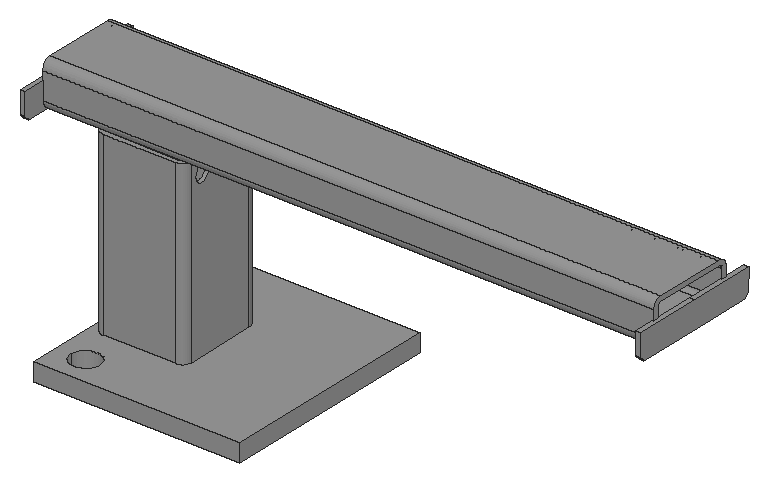
Revit family "STA BKRS 300 FT Stützausleger", category Generic Models, Revit 2017
Family settings
  Can host rebar = No
  Round Connector Dimension = Use Diameter
  Part Type = Normal
  Work Plane-Based = No
  Always vertical = Yes
  Cut with Voids When Loaded = No
  Shared = No
  Room Calculation Point = No
Parameters (values of type "STA BKRS 300 FT")
  URL = "http://www.obo-bettermann.com"
  Material = Hot dip galvanised
  Manufacturer Art.No. = "6044545"
  Manufacturer = "OBO BETTERMANN"
  GTIN = "4012196695102"
  Article Type = "STA BKRS 300 FT"
Reference planes
  plane 1 "Center (Front/Back)": y = 0
  plane 2: z = 0
  plane 3 "Center (Left/Right)": x = 0
  plane 4: x = 91.5
  plane 5: y = 100
  plane 6: y = 12.5
  plane 7: y = 87.5
  plane 8: x = 13
  plane 9: y = 50
  plane 10: y = 62
  plane 11: x = 11
  plane 12: z = 88
  plane 13: x = 22.882
  plane 14: x = 2.902
  plane 15: x = 251.882
  plane 16: x = -20.098
  plane 17: z = 100
  plane 18: y = 50
  plane 19: z = 90
  plane 20: y = 22
  plane 21: z = 90
  plane 22: y = 78
  plane 23: x = 253.882
  plane 24: x = -22.098
  plane 25: x = 244.882
  plane 26: y = 40
  plane 27: x = 244.882
  plane 28: y = 30
  plane 29: x = -13.098
  plane 30: y = 60.052
  plane 31: y = 70.026
  plane 32: x = 3
  plane 33: z = 81
  plane 34: y = 40
  plane 35: y = 30
Forms (mm)
  Extrusion 1, solid, material "Hot dip galvanised" <- "Material"
    sketch origin (0, 0, 0) x (1, 0, 0) y (0, 0, 1)
      loop
        line (0, 0) -> (91.5, 0) -> (91.5, 8) -> (0, 8) -> (0, 0)
    from 0 to -100
  Extrusion 2, void
    sketch origin (0, 0, 0) x (1, 0, 0) y (0, 1, 0)
      loop
        circle (13, 87.5) r 6.5
      loop
        circle (13, 12.5) r 6.5
      loop
        circle (11, 62) r 5.956
    from 0 to 8
  Extrusion 3, solid, material "Hot dip galvanised" <- "Material"
    sketch origin (0, 0, 0) x (0, 1, 0) y (0, 0, 1)
      loop
        line (34, 88) -> (66, 88)
        arc (66, 88) -> (68.828, 89.172) -> (70, 92) r 4
        line (70, 92) -> (70, 104)
        arc (70, 104) -> (68.828, 106.828) -> (66, 108) r 4
        line (66, 108) -> (34, 108)
        arc (34, 108) -> (31.172, 106.828) -> (30, 104) r 4
        line (30, 104) -> (30, 92)
        arc (30, 92) -> (31.172, 89.172) -> (34, 88) r 4
      loop
        line (66, 106) -> (34, 106)
        arc (34, 106) -> (32.586, 105.414) -> (32, 104) r 2
        line (32, 104) -> (32, 92)
        arc (32, 92) -> (32.586, 90.586) -> (34, 90) r 2
        line (34, 90) -> (66, 90)
        arc (66, 90) -> (67.414, 90.586) -> (68, 92) r 2
        line (68, 92) -> (68, 104)
        arc (68, 104) -> (67.414, 105.414) -> (66, 106) r 2
    from -20.098 to 251.882
  Extrusion 4, solid, material "Hot dip galvanised" <- "Material"
    sketch origin (0, 0, 0) x (0, 1, 0) y (0, 0, 1)
      loop
        line (50, 100) -> (20, 100) -> (20, 90) -> (22, 88) -> (50, 88) -> (78, 88) -> (80, 90) -> (80, 100) -> (50, 100)
    from 251.882 to 253.882
  Extrusion 5, solid, material "Hot dip galvanised" <- "Material"
    sketch origin (0, 0, 0) x (0, 1, 0) y (0, 0, 1)
      loop
        line (80, 100) -> (20, 100) -> (20, 90) -> (22, 88) -> (78, 88) -> (80, 90) -> (80, 100)
    from -22.098 to -20.098
  Extrusion 6, void
    sketch origin (0, 0, 0) x (1, 0, 0) y (0, 1, 0)
      loop
        circle (244.882, 40) r 4
    from 88 to 90
  Extrusion 7, void
    sketch origin (0, 0, 0) x (1, 0, 0) y (0, 1, 0)
      loop
        circle (-13.098, 60.052) r 3.952
    from 88 to 90
  Extrusion 8, solid, material "Hot dip galvanised" <- "Material"
    sketch origin (0, 0, 0) x (1, 0, 0) y (0, 1, 0)
      loop
        arc (6.902, 70.024) -> (4.074, 68.853) -> (2.902, 66.024) r 4
        line (2.902, 66.024) -> (2.902, 34)
        arc (2.902, 34) -> (4.074, 31.172) -> (6.902, 30) r 4
        line (6.902, 30) -> (38.902, 30)
        arc (38.902, 30) -> (41.731, 31.172) -> (42.902, 34) r 4
        line (42.902, 34) -> (42.902, 66.024)
        arc (42.902, 66.024) -> (41.731, 68.853) -> (38.902, 70.024) r 4
        line (38.902, 70.024) -> (6.902, 70.024)
      loop
        arc (6.902, 68.024) -> (5.488, 67.439) -> (4.902, 66.024) r 2
        line (4.902, 66.024) -> (4.902, 34)
        arc (4.902, 34) -> (5.488, 32.586) -> (6.902, 32) r 2
        line (6.902, 32) -> (38.902, 32)
        arc (38.902, 32) -> (40.317, 32.586) -> (40.902, 34) r 2
        line (40.902, 34) -> (40.902, 66.024)
        arc (40.902, 66.024) -> (40.317, 67.439) -> (38.902, 68.024) r 2
        line (38.902, 68.024) -> (6.902, 68.024)
    from 8 to 88
  Extrusion 9, void
    sketch origin (0, 0, 0) x (0, 1, 0) y (0, 0, 1)
      loop
        circle (40, 81) r 3.961
    from 40.902 to 42.902
Cuts and joins
  Extrusion 2 cuts Extrusion 1
  Extrusion 6, Extrusion 7 cuts Extrusion 3
  Extrusion 9 cuts Extrusion 8
Dimensions and locks
  plane 4 to plane 3 "Center (Left/Right)" = 91.5 mm
  locked: Extrusion 1 sketch curve to Extrusion 1 sketch curve at 8
  locked: Extrusion 1 sketch curve to Extrusion 1 sketch curve at 91.5
  locked: plane 1 "Center (Front/Back)" to plane 5 at 100
  locked: Extrusion 1 to plane 8 at 13
  locked: Extrusion 1 to plane 9 at 50
  locked: plane 7 to plane 9 at 37.5
  locked: plane 9 to plane 6 at 37.5
  locked: plane 8 to Extrusion 2 sketch curve at 0  (x2)
  locked: plane 8 to Extrusion 2 sketch curve at 6.5  (x2)
  locked: Extrusion 1 to plane 10 at 38
  Extrusion 1 to plane 11 = 11 mm
  locked: plane 11 to Extrusion 2 sketch curve at 0
  locked: Extrusion 2 sketch curve to plane 11 at 5.956
  locked: plane 12 to level at 88
  locked: Extrusion 3 sketch curve to Extrusion 3 sketch curve at 40
  locked: Extrusion 3 sketch curve to Extrusion 3 sketch curve at 36
  locked: Extrusion 3 sketch curve to Extrusion 3 sketch curve at 16
  locked: plane 15 to plane 13 at 229
  locked: plane 14 to plane 16 at 23
  Extrusion 3 to Extrusion 3 = 271.979 mm
  locked: Extrusion 3 to plane 17 at 8
  locked: Extrusion 3 to Extrusion 4 sketch curve at 12  (x2)
  locked: plane 23 to Extrusion 3 at 2
  locked: Extrusion 3 to Extrusion 4 at 12
  locked: Extrusion 4 to Extrusion 4 at 12
  locked: Extrusion 4 to Extrusion 4 at 60
  locked: plane 24 to Extrusion 3 at 2
  locked: plane 25 to Extrusion 3 at 7
  locked: plane 26 to plane 28 at 10
  locked: plane 27 to Extrusion 6 sketch curve at 0
  locked: plane 27 to Extrusion 6 sketch curve at 4
  locked: cut or joined group of Extrusion 3, Extrusion 6, Extrusion 7 to plane 29 at 7
  locked: plane 31 to plane 30 at 9.974
  locked: plane 29 to Extrusion 7 sketch curve at 0
  locked: plane 29 to Extrusion 7 sketch curve at 3.952
  locked: plane 3 "Center (Left/Right)" to plane 32 at 3
  locked: Extrusion 8 sketch curve to Extrusion 8 sketch curve at 40.024
  locked: Extrusion 8 sketch curve to Extrusion 8 sketch curve at 40
  locked: Extrusion 8 sketch curve to Extrusion 8 sketch curve at 36.024
  locked: Extrusion 8 sketch curve to Extrusion 8 sketch curve at 36
  Extrusion 8 sketch curve to Extrusion 8 sketch curve = 40 mm
  locked: plane 33 to Extrusion 4 at 7
  locked: plane 35 to plane 34 at 10
  locked: plane 34 to Extrusion 9 sketch curve at 3.961
  locked: plane 34 to Extrusion 9 sketch curve at 0
  aligned and locked: level to plane 2
  aligned and locked: Extrusion 1 to level
  aligned and locked: Extrusion 1 to plane 3 "Center (Left/Right)"
  aligned and locked: plane 5 to Extrusion 1
  aligned and locked: plane 1 "Center (Front/Back)" to Extrusion 1
  aligned and locked: Extrusion 2 to level
  aligned and locked: Extrusion 1 to Extrusion 2
  aligned and locked: Extrusion 3 to plane 12
  aligned and locked: plane 15 to Extrusion 3
  aligned and locked: Extrusion 3 to plane 16
  aligned and locked: plane 12 to Extrusion 4 sketch curve
  aligned and locked: plane 19 to Extrusion 4 sketch curve
  aligned and locked: Extrusion 4 to Extrusion 3
  aligned and locked: plane 23 to Extrusion 4
  aligned and locked: Extrusion 5 to Extrusion 3
  aligned and locked: Extrusion 5 to plane 24
  aligned and locked: plane 27 to plane 25
  aligned and locked: plane 12 to Extrusion 6
  aligned and locked: Extrusion 7 to plane 12
  aligned and locked: Extrusion 3 to Extrusion 7
  aligned and locked: plane 14 to Extrusion 8 sketch curve
  aligned and locked: cut or joined group of Extrusion 3, Extrusion 6, Extrusion 7 to Extrusion 8
  aligned and locked: Extrusion 8 to cut or joined group of Extrusion 1, Extrusion 2
  aligned and locked: plane 12 to Extrusion 8
  aligned and locked: Extrusion 8 to Extrusion 9  (x2)
Automatic sketch dimensions
  Extrusion 1 sketch curve to level = 0 mm
  Extrusion 1 sketch curve to plane 3 "Center (Left/Right)" = 0 mm
  Extrusion 2 sketch curve to plane 6 = 0 mm
  Extrusion 2 sketch curve to plane 10 = 0 mm
  Extrusion 2 sketch curve to plane 7 = 0 mm
  plane 12 to Extrusion 3 sketch curve = 4 mm  (x2)
  Extrusion 3 sketch curve to plane 1 "Center (Front/Back)" = 30 mm
  Extrusion 3 sketch curve to Extrusion 3 sketch curve = 4 mm
  Extrusion 3 sketch curve to Extrusion 3 sketch curve = 0 mm  (x13)
  Extrusion 4 sketch curve to plane 20 = 0 mm
  Extrusion 4 sketch curve to plane 18 = 0 mm  (x2)
  Extrusion 4 sketch curve to plane 22 = 0 mm
  plane 19 to Extrusion 4 sketch curve = 0 mm
  Extrusion 4 sketch curve to plane 20 = 2 mm
  plane 22 to Extrusion 4 sketch curve = 2 mm
  Extrusion 5 sketch curve to plane 12 = 0 mm
  Extrusion 5 sketch curve to plane 1 "Center (Front/Back)" = 20 mm
  Extrusion 5 sketch curve to Extrusion 5 sketch curve = 2 mm  (x2)
  Extrusion 5 sketch curve to plane 5 = 22 mm
  plane 12 to Extrusion 5 sketch curve = 2 mm  (x2)
  Extrusion 5 sketch curve to Extrusion 5 sketch curve = 10 mm
  Extrusion 6 sketch curve to plane 26 = 0 mm
  Extrusion 7 sketch curve to plane 30 = 0 mm
  Extrusion 3 sketch curve to plane 12 = 0 mm
  plane 32 to Extrusion 8 sketch curve = 3.902 mm  (x2)
  Extrusion 8 sketch curve to Extrusion 8 sketch curve = 4 mm  (x2)
  Extrusion 8 sketch curve to plane 1 "Center (Front/Back)" = 30 mm
  Extrusion 8 sketch curve to Extrusion 8 sketch curve = 0 mm  (x6)
  Extrusion 9 sketch curve to plane 33 = 0 mm
